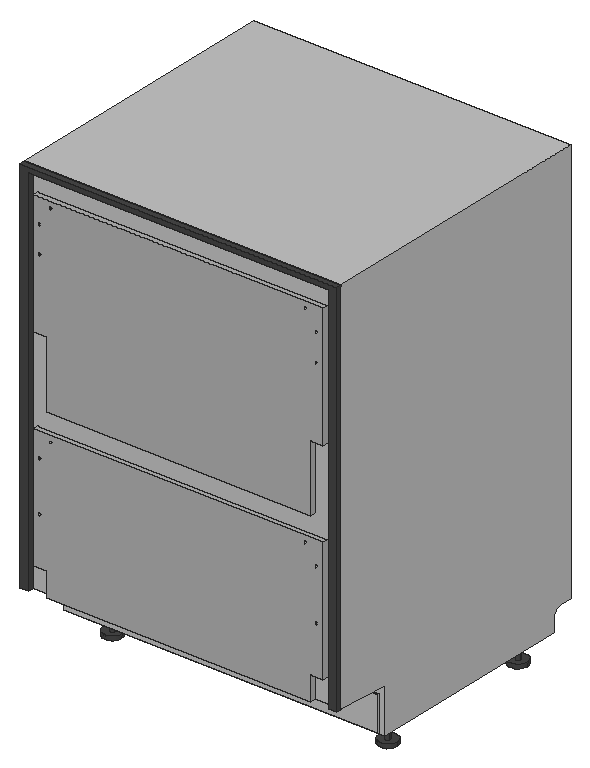
Revit family "FP_Revit_18_DD60DHI9_DishDrawer_90000901A", category Specialty Equipment, Revit 2018
Family settings
  Round Connector Dimension = Use Diameter
  Part Type = Normal
  OmniClass Number = 23.40.40.14.31
  OmniClass Title = Cleaning and Disposal Equipment
  Work Plane-Based = No
  Always vertical = Yes
  Cut with Voids When Loaded = Yes
  Shared = No
  Room Calculation Point = No
Parameters (values of type "DD60DHI9")
  Visibility - Handle = no
  Visibility - Door Panel = no
  Visibility - Clearance Required = yes
  URL = "www.fisherpaykel.com"
  Toe Kick - Recess (40mm - 100mm) [instance] = 100 mm
  Product - Width = 599 mm  # constant formula
  Product - Height (820mm - 880mm) [instance] = 860 mm
  Product - Depth = 553 mm  # constant formula
  Model = "DD60DHI9"
  Material - Trim = Fisher & Paykel - Black
  Material - Door Structure = Fisher & Paykel - Aluminium
  Material - Door Front = Fisher & Paykel - Stainless Steel
  Material - Body = Fisher & Paykel - Grey
  Manufacturer = "Fisher & Paykel Appliances"
  Description = "Integrated Double DishDrawer"
  Connector Description - Water = "3/4“ BSP (GB20) to suit Flat Washer"
  Connector Description - Sanitary = "Drain Hose, No Fitting Required"
  Connector Description - Electrical = "230 V, 15 A, fused electrical supply"
  Chassis - Height (855mm Tall or 811mm Std) = 811 mm  # constant formula
  Cavity - Width = 600 mm  # constant formula
  Cavity - Height = 0 mm  # constant formula
  Cavity - Depth = 560 mm  # constant formula
Types (3, lengths in mm): name | Model
  (no name) | "DD60DHI9"
  DD60DI9 | "DD60DI9"
  DD60DHI9 | "DD60DHI9"
Reference planes
  plane 1 "Datum": y = 0
  plane 2: z = 0
  plane 3 "Center (Left/Right)": x = 0
  plane 4: z = 0
  plane 5 "Product LHS": x = -299.5
  plane 6 "Product RHS": x = 299.5
  plane 7 "Product - Depth": y = 553
  plane 8 "Cavity LHS": x = -300
  plane 9 "Cavity RHS": x = 300
  plane 10 "Cavity - Depth": y = 560
  plane 11 "Leg Height": z = 49
  plane 12 "Product - Height": z = 860
  plane 13 "Cavity - Height": z = 862
  plane 14 "Door Front": y = -18
  plane 15 "Toe Kick Front 18mm": y = 82
Forms (mm)
  Extrusion 1, solid, material "Fisher & Paykel - Grey" <- "Material - Body"
    sketch origin (0, 0, 0) x (0, 1, 0) y (0, 0, 1)
      loop
        line (10, 860) -> (10, 140.398) -> (115, 133.503) -> (115, 49) -> (513, 49) -> (513, 68.972)
        arc (513, 68.972) -> (518.858, 83.114) -> (533, 88.972) r 20
        line (533, 88.972) -> (553, 88.972) -> (553, 860) -> (10, 860)
    from -299.5 to 299.5
  Extrusion 2, solid, material "Fisher & Paykel - Aluminium" <- "Material - Door Structure", detail levels fine
    sketch origin (0, 0, 0) x (1, 0, 0) y (0, 0, 1)
      loop
        line (-274, 816.4) -> (-274, 583.2) -> (-250, 583.2) -> (-250, 455.988) -> (250, 455.988) -> (250, 583.2) -> (274, 583.2) -> (274, 816.4) -> (-274, 816.4)
      loop
        line (-274, 419) -> (-274, 186) -> (-250, 186) -> (-250, 140) -> (250, 140) -> (250, 186) -> (274, 186) -> (274, 419) -> (-274, 419)
      loop
        circle (-240.999, 804.198) r 2.5
      loop
        circle (-261.999, 770.698) r 2.5
      loop
        circle (-261.999, 719.198) r 2.5
      loop
        circle (-262, 278) r 2.5
      loop
        circle (-262, 373.5) r 2.5
      loop
        circle (-241, 407) r 2.5
      loop
        circle (240.999, 804.198) r 2.5
      loop
        circle (261.999, 770.698) r 2.5
      loop
        circle (261.999, 719.198) r 2.5
      loop
        circle (262, 278) r 2.5
      loop
        circle (262, 373.5) r 2.5
      loop
        circle (241, 407) r 2.5
    from -10 to 0
  Extrusion 3, solid, material "Fisher & Paykel - Black" <- "Material - Trim"
    sketch origin (0, 0, 0) x (1, 0, 0) y (0, 0, 1)
      loop
        line (-299.5, 860) -> (-299.5, 140) -> (-283.999, 140) -> (-283.999, 850) -> (284, 850) -> (284, 140) -> (299.5, 140) -> (299.5, 860) -> (-299.5, 860)
    from -10 to 0
  Extrusion 4, solid, material "Fisher & Paykel - Black"
    sketch origin (0, 0, 0) x (1, 0, 0) y (0, 1, 0)
      loop
        circle (-260.6, 478.3) r 4
      loop
        circle (-260.6, 170.1) r 4
      loop
        circle (260.6, 478.3) r 4
      loop
        circle (260.6, 170.1) r 4
    from 7 to 49
  Extrusion 5, solid, material "Fisher & Paykel - Black"
    sketch origin (0, 0, 0) x (1, 0, 0) y (0, 1, 0)
      loop
        circle (-260.6, 170.1) r 17.816
      loop
        circle (-260.6, 478.3) r 17.816
      loop
        circle (260.6, 170.1) r 17.816
      loop
        circle (260.6, 478.3) r 17.816
    from 0 to 7
  Sweep 6, solid, material "Fisher & Paykel - Black", detail levels medium+fine
    path origin (0, 537.938, 0) x (1, 0, 0) y (0, 0, 1)
      loop
        line (-134.5, 88.972) -> (-134.5, 58.132)
        arc (-134.5, 58.132) -> (-140.358, 43.989) -> (-154.5, 38.132) r 20
        line (-154.5, 38.132) -> (-349.5, 38.132)
    profile origin (-134.5, 537.938, 73.552) x (0, -1, 0) y (1, 0, 0)
      loop
        circle (0, 0) r 9
  Sweep 7, solid, material "Fisher & Paykel - Black", detail levels medium+fine
    path origin (0, 537.938, 0) x (1, 0, 0) y (0, 0, 1)
      loop
        line (-189.5, 88.972) -> (-189.5, 77.507)
        arc (-189.5, 77.507) -> (-195.358, 63.364) -> (-209.5, 57.507) r 20
        line (-209.5, 57.507) -> (-349.5, 57.507)
    profile origin (-189.5, 537.938, 83.239) x (0, -1, 0) y (1, 0, 0)
      loop
        circle (0, 0) r 9
  Sweep 8, solid, material "Fisher & Paykel - Black", detail levels medium+fine
    path origin (0, 0, 0) x (1, 0, 0) y (0, 0, 1)
      loop
        line (-349.5, 71.736) -> (-66.993, 71.736)
        arc (-66.993, 71.736) -> (-58.507, 75.251) -> (-54.993, 83.736) r 12
        line (-54.993, 83.736) -> (-54.993, 88.972)
    profile origin (-54.993, 0, 86.354) x (-1, 0, 0) y (0, -1, 0)
      loop
        circle (0, -533.939) r 5
  Sweep 9, solid, material "Fisher & Paykel - Black", detail levels medium+fine
    path origin (0, 0, 0) x (1, 0, 0) y (0, 0, 1)
      loop
        line (-349.186, 57.851) -> (-218.186, 57.851)
        arc (-218.186, 57.851) -> (-204.044, 63.709) -> (-198.186, 77.851) r 20
        line (-198.186, 77.851) -> (-198.186, 88.972)
    profile origin (-198.186, 0, 83.412) x (-1, 0, 0) y (0, -1, 0)
      loop
        circle (0, -524.105) r 5
  Extrusion 10, solid, material "Fisher & Paykel - Clearance Required", visible <- "Visibility - Clearance Required", detail levels coarse
    sketch origin (0, 0, 0) x (0, 1, 0) y (0, 0, 1)
      loop
        line (-18, 0) -> (-18, 448.714) -> (-545.03, 448.714) -> (-545.03, 383.647) -> (-586.03, 383.647) -> (-586.03, 367.644) -> (-545.03, 367.644) -> (-545.03, 0) -> (-18, 0)
      loop
        line (-18, 455.988) -> (-18, 853.988) -> (-545.03, 853.988) -> (-545.03, 783.65) -> (-586.03, 783.65) -> (-586.03, 767.647) -> (-545.03, 767.647) -> (-545.03, 455.988) -> (-18, 455.988)
    from -300 to 300
  Extrusion 11, solid, material "Fisher & Paykel - Clearance Required", visible <- "Visibility - Clearance Required", detail levels coarse
    sketch origin (0, 0, 0) x (1, 0, 0) y (0, 1, 0)
      loop
        line (300, 560) -> (-300, 560) -> (-300, 0) -> (300, 0) -> (300, 560)
    from 0 to 860
  Extrusion 12, void
    sketch origin (0, 0, 0) x (1, 0, 0) y (0, 1, 0)
      loop
        line (-300, -18) -> (300, -18) -> (300, 560) -> (-300, 560) -> (-300, -18)
    from 0 to 862
  Extrusion 13, solid, material "Fisher & Paykel - Grey" <- "Material - Body", detail levels fine
    sketch origin (0, 0, 0) x (1, 0, 0) y (0, 0, 1)
      loop
        line (-297.5, 124.4) -> (-297.5, 59.4) -> (297.5, 59.4) -> (297.5, 124.4) -> (207.2, 124.4) -> (207.2, 117.4) -> (210.2, 117.4) -> (210.2, 113) -> (201.44, 113) -> (201.44, 88.145)
        arc (201.44, 88.145) -> (0, 68.613) -> (-201.44, 88.145) r 1048.506
        line (-201.44, 88.145) -> (-201.44, 113) -> (-210.2, 113) -> (-210.2, 117.4) -> (-207.2, 117.4) -> (-207.2, 124.4) -> (-297.5, 124.4)
      loop
        circle (230, 90.4) r 2.4
      loop
        circle (230, 110.4) r 2.4
      loop
        circle (-230, 90.4) r 2.4
      loop
        circle (-230, 110.4) r 2.4
    from -103 to -100
  Extrusion 14, solid, material "Fisher & Paykel - Stainless Steel" <- "Material - Door Front", visible <- "Visibility - Door Panel"
    sketch origin (0, 0, 0) x (1, 0, 0) y (0, 1, 0)
      loop
        line (-297.5, 0) -> (-297.5, -18) -> (297.5, -18) -> (297.5, 0) -> (-297.5, 0)
    from 455.988 to 853.988
  Extrusion 15, solid, material "Fisher & Paykel - Stainless Steel" <- "Material - Door Front", visible <- "Visibility - Door Panel"
    sketch origin (0, 0, 0) x (1, 0, 0) y (0, 1, 0)
      loop
        line (-297.5, 0) -> (-297.5, -18) -> (297.5, -18) -> (297.5, 0) -> (-297.5, 0)
    from 137.714 to 448.714
  Extrusion 16, void
    sketch origin (0, 0, 0) x (1, 0, 0) y (0, 0, 1)
      loop
        line (-84, 89) -> (-84, 104.8) -> (-91.143, 131.459)
        arc (-91.143, 131.459) -> (-97.572, 141.08) -> (-108.53, 144.8) r 18
        line (-108.53, 144.8) -> (-194.97, 144.8)
        arc (-194.97, 144.8) -> (-205.928, 141.08) -> (-212.357, 131.459) r 18
        line (-212.357, 131.459) -> (-219.5, 104.8) -> (-219.5, 89) -> (-84, 89)
    from -553 to -548
Cuts and joins
  Extrusion 16 cuts Extrusion 2
  Extrusion 16 cuts Extrusion 10
  Extrusion 16 cuts Extrusion 15
  Extrusion 16 cuts Extrusion 1
Lines and regions (mm)
  model lines
    curve 1: line (-297.5, 0, 448.714) -> (297.5, 0, 448.714)
    curve 2: line (-297.5, 0, 137.714) -> (-297.5, 0, 448.714)
    curve 3: line (297.5, 0, 137.714) -> (-297.5, 0, 137.714)
    curve 4: line (297.5, 0, 448.714) -> (297.5, 0, 137.714)
    curve 5: line (-297.5, 0, 853.988) -> (297.5, 0, 853.988)
    curve 6: line (-297.5, 0, 455.988) -> (-297.5, 0, 853.988)
    curve 7: line (297.5, 0, 455.988) -> (-297.5, 0, 455.988)
    curve 8: line (297.5, 0, 853.988) -> (297.5, 0, 455.988)
    curve 9: line (-297.5, 0, 853.988) -> (297.5, 0, 853.988)
    curve 10: line (-297.5, 0, 455.988) -> (-297.5, 0, 853.988)
    curve 11: line (297.5, 0, 455.988) -> (-297.5, 0, 455.988)
    curve 12: line (297.5, 0, 853.988) -> (297.5, 0, 455.988)
    curve 13: line (-297.5, 0, 448.714) -> (297.5, 0, 448.714)
    curve 14: line (-297.5, 0, 137.714) -> (-297.5, 0, 448.714)
    curve 15: line (297.5, 0, 137.714) -> (-297.5, 0, 137.714)
    curve 16: line (297.5, 0, 448.714) -> (297.5, 0, 137.714)
Text (mm)
  text "Due to ongoing product development, product details are subject to change without notice. \nPlease always refer to www.fisherpaykel.com for the most current product information. \n© Fisher & Paykel 2020" at (41.04, -690.05, 0), in view "Ref. Level (Plan)"
Dimensions and locks
  equal spacing: plane 5 "Product LHS", plane 3 "Center (Left/Right)", plane 6 "Product RHS"
  "Product - Width": plane 5 "Product LHS" to plane 6 "Product RHS"
  "Product - Depth": plane 1 "Datum" to plane 7 "Product - Depth"
  equal spacing: plane 8 "Cavity LHS", plane 3 "Center (Left/Right)", plane 9 "Cavity RHS"
  "Cavity - Width": plane 8 "Cavity LHS" to plane 9 "Cavity RHS"
  "Cavity - Depth": plane 10 "Cavity - Depth" to plane 1 "Datum"
  Extrusion 1 sketch curve to Extrusion 1 sketch curve = 811 mm
  Extrusion 2 sketch curve to plane 11 "Leg Height" = 370 mm
  "Chassis - Height (855mm Tall or 811mm Std)": plane 12 "Product - Height" to plane 11 "Leg Height"
  locked: Extrusion 2 sketch curve to plane 11 "Leg Height" at 534.2
  locked: plane 12 "Product - Height" to Extrusion 2 sketch curve at 43.6
  "Product - Height (820mm - 880mm)": plane 12 "Product - Height" to level
  plane 12 "Product - Height" to Extrusion 2 = 43.6 mm
  Extrusion 2 to plane 11 "Leg Height" = 370 mm
  Extrusion 2 to plane 11 "Leg Height" = 406.988 mm
  locked: plane 13 "Cavity - Height" to plane 12 "Product - Height" at 2
  locked: plane 11 "Leg Height" to Extrusion 13 at 10.4
  Extrusion 12 to plane 1 "Datum" = 18 mm
  locked: plane 12 "Product - Height" to cut or joined group of Extrusion 10, Extrusion 16 at 6.012
  locked: plane 12 "Product - Height" to nested 1 at 76.7
  locked: plane 12 "Product - Height" to nested 2 at 476.7
  locked: plane 12 "Product - Height" to Extrusion 14 at 404.012
  locked: plane 12 "Product - Height" to cut or joined group of Extrusion 15, Extrusion 16 at 411.286
  locked: plane 12 "Product - Height" to cut or joined group of Extrusion 15, Extrusion 16 at 722.286
  locked: plane 12 "Product - Height" to Extrusion 14 at 6.012
  locked: plane 15 "Toe Kick Front 18mm" to Extrusion 13 at 18
  locked: Extrusion 13 to Extrusion 13 at 3
  "Toe Kick - Recess (40mm - 100mm)": plane 14 "Door Front" to plane 15 "Toe Kick Front 18mm"
  aligned and locked: level to plane 2
  aligned and locked: Extrusion 1 sketch curve to plane 11 "Leg Height"
  aligned and locked: plane 12 "Product - Height" to Extrusion 3 sketch curve
  aligned and locked: Extrusion 4 to Extrusion 5
  aligned and locked: plane 12 "Product - Height" to Extrusion 1
  aligned and locked: Extrusion 10 to plane 9 "Cavity RHS"
  aligned and locked: plane 8 "Cavity LHS" to Extrusion 10
  aligned and locked: Extrusion 11 sketch curve to plane 8 "Cavity LHS"
  aligned and locked: plane 1 "Datum" to Extrusion 11 sketch curve
  aligned and locked: Extrusion 11 sketch curve to plane 9 "Cavity RHS"
  aligned and locked: plane 10 "Cavity - Depth" to Extrusion 11 sketch curve
  aligned and locked: Extrusion 11 to Extrusion 1
  aligned and locked: Extrusion 4 to Extrusion 1
  aligned and locked: plane 13 "Cavity - Height" to Extrusion 12
  aligned and locked: Extrusion 10 to level
  aligned and locked: curve 1 to cut or joined group of Extrusion 15, Extrusion 16
  aligned and locked: curve 2 to cut or joined group of Extrusion 15, Extrusion 16
  aligned and locked: curve 3 to cut or joined group of Extrusion 15, Extrusion 16
  aligned and locked: curve 4 to cut or joined group of Extrusion 15, Extrusion 16
  aligned and locked: curve 5 to Extrusion 14
  aligned and locked: curve 6 to Extrusion 14
  aligned and locked: curve 7 to Extrusion 14
  aligned and locked: curve 8 to Extrusion 14
Automatic sketch dimensions
  Extrusion 2 sketch curve to plane 5 "Product LHS" = 25.5 mm  (x2)
  Extrusion 2 sketch curve to plane 5 "Product LHS" = 37.5 mm  (x2)
  Extrusion 2 sketch curve to plane 5 "Product LHS" = 37.501 mm  (x2)
  Extrusion 2 sketch curve to Extrusion 2 sketch curve = 24 mm
  Extrusion 2 sketch curve to plane 5 "Product LHS" = 49.5 mm
  Extrusion 2 sketch curve to Extrusion 2 sketch curve = 33 mm
  Extrusion 2 sketch curve to Extrusion 2 sketch curve = 33.001 mm
  plane 6 "Product RHS" to Extrusion 2 sketch curve = 58.501 mm
  plane 6 "Product RHS" to Extrusion 2 sketch curve = 58.5 mm
  plane 6 "Product RHS" to Extrusion 2 sketch curve = 49.5 mm  (x2)
  plane 6 "Product RHS" to Extrusion 2 sketch curve = 37.501 mm  (x2)
  plane 6 "Product RHS" to Extrusion 2 sketch curve = 37.5 mm  (x2)
  plane 6 "Product RHS" to Extrusion 2 sketch curve = 25.5 mm  (x2)
  Extrusion 2 sketch curve to Extrusion 2 sketch curve = 12 mm  (x2)
  Extrusion 2 sketch curve to Extrusion 2 sketch curve = 33.5 mm  (x2)
  Extrusion 2 sketch curve to Extrusion 2 sketch curve = 95.5 mm  (x2)
  Extrusion 2 sketch curve to Extrusion 2 sketch curve = 92 mm  (x2)
  Extrusion 2 sketch curve to Extrusion 2 sketch curve = 46 mm
  Extrusion 2 sketch curve to Extrusion 2 sketch curve = 36.988 mm
  Extrusion 2 sketch curve to Extrusion 2 sketch curve = 127.212 mm
  Extrusion 2 sketch curve to Extrusion 2 sketch curve = 135.998 mm  (x2)
  Extrusion 2 sketch curve to Extrusion 2 sketch curve = 45.702 mm  (x2)
  Extrusion 2 sketch curve to Extrusion 2 sketch curve = 12.202 mm  (x2)
  plane 5 "Product LHS" to Extrusion 3 sketch curve = 0 mm
  plane 6 "Product RHS" to Extrusion 3 sketch curve = 0 mm
  Extrusion 3 sketch curve to plane 5 "Product LHS" = 15.501 mm
  plane 6 "Product RHS" to Extrusion 3 sketch curve = 15.5 mm
  Extrusion 3 sketch curve to plane 12 "Product - Height" = 10 mm
  Extrusion 3 sketch curve to plane 11 "Leg Height" = 91 mm  (x2)
  Extrusion 4 sketch curve to plane 5 "Product LHS" = 38.9 mm  (x2)
  plane 6 "Product RHS" to Extrusion 4 sketch curve = 38.9 mm  (x2)
  Extrusion 4 sketch curve to plane 1 "Datum" = 170.1 mm  (x2)
  Extrusion 4 sketch curve to plane 7 "Product - Depth" = 74.7 mm  (x2)
  Extrusion 5 sketch curve to plane 5 "Product LHS" = 38.9 mm  (x2)
  plane 6 "Product RHS" to Extrusion 5 sketch curve = 38.9 mm  (x2)
  Extrusion 5 sketch curve to plane 1 "Datum" = 170.1 mm  (x2)
  Extrusion 5 sketch curve to plane 7 "Product - Depth" = 74.7 mm  (x2)
  plane 11 "Leg Height" to Sweep 6 sketch curve = 10.868 mm
  Sweep 6 sketch curve to plane 5 "Product LHS" = 145 mm
  Sweep 6 sketch curve to plane 11 "Leg Height" = 9.132 mm
  plane 8 "Cavity LHS" to Sweep 6 sketch curve = 49.5 mm
  Sweep 6 sketch curve to Sweep 6 sketch curve = 30.84 mm
  Sweep 6 sketch curve to profile plane = 0 mm
  profile plane to Sweep 6 sketch curve = 0 mm
  Sweep 7 sketch curve to plane 11 "Leg Height" = 8.507 mm
  Sweep 7 sketch curve to plane 5 "Product LHS" = 90 mm
  Sweep 7 sketch curve to Sweep 7 sketch curve = 20 mm
  plane 8 "Cavity LHS" to Sweep 7 sketch curve = 49.5 mm
  Sweep 7 sketch curve to Sweep 7 sketch curve = 11.465 mm
  Sweep 7 sketch curve to profile plane = 0 mm
  profile plane to Sweep 7 sketch curve = 0 mm
  Sweep 8 sketch curve to plane 11 "Leg Height" = 22.736 mm
  Sweep 8 sketch curve to plane 3 "Center (Left/Right)" = 66.993 mm
  Sweep 8 sketch curve to Sweep 8 sketch curve = 12 mm
  plane 8 "Cavity LHS" to Sweep 8 sketch curve = 49.5 mm
  Sweep 8 sketch curve to Sweep 8 sketch curve = 5.236 mm
  Sweep 8 sketch curve to profile plane = 0 mm
  Sweep 8 sketch curve to plane 1 "Datum" = 533.939 mm
  Sweep 9 sketch curve to plane 11 "Leg Height" = 8.851 mm
  Sweep 9 sketch curve to plane 5 "Product LHS" = 81.314 mm
  Sweep 9 sketch curve to Sweep 9 sketch curve = 20 mm
  plane 8 "Cavity LHS" to Sweep 9 sketch curve = 49.186 mm
  Sweep 9 sketch curve to Sweep 9 sketch curve = 11.121 mm
  Sweep 9 sketch curve to profile plane = 0 mm
  Sweep 9 sketch curve to plane 1 "Datum" = 524.105 mm
  Extrusion 12 sketch curve to plane 8 "Cavity LHS" = 0 mm
  Extrusion 12 sketch curve to plane 9 "Cavity RHS" = 0 mm
  Extrusion 12 sketch curve to plane 10 "Cavity - Depth" = 0 mm
  plane 1 "Datum" to Extrusion 12 sketch curve = 18 mm
  Extrusion 13 sketch curve to plane 3 "Center (Left/Right)" = 0 mm
  Extrusion 13 sketch curve to plane 5 "Product LHS" = 98.06 mm
  Extrusion 13 sketch curve to Extrusion 13 sketch curve = 5.76 mm  (x2)
  Extrusion 13 sketch curve to Extrusion 13 sketch curve = 3 mm  (x2)
  Extrusion 13 sketch curve to Extrusion 13 sketch curve = 28.56 mm
  Extrusion 13 sketch curve to Extrusion 13 sketch curve = 19.8 mm  (x2)
  Extrusion 13 sketch curve to plane 5 "Product LHS" = 2 mm
  plane 6 "Product RHS" to Extrusion 13 sketch curve = 98.06 mm
  Extrusion 13 sketch curve to Extrusion 13 sketch curve = 0 mm
  plane 6 "Product RHS" to Extrusion 13 sketch curve = 2 mm
  Extrusion 13 sketch curve to plane 11 "Leg Height" = 10.4 mm
  Extrusion 13 sketch curve to plane 11 "Leg Height" = 39.145 mm
  Extrusion 13 sketch curve to Extrusion 13 sketch curve = 2.255 mm  (x2)
  Extrusion 13 sketch curve to Extrusion 13 sketch curve = 20 mm  (x2)
  Extrusion 13 sketch curve to Extrusion 13 sketch curve = 2.6 mm
  Extrusion 13 sketch curve to Extrusion 13 sketch curve = 24.855 mm
  Extrusion 13 sketch curve to Extrusion 13 sketch curve = 4.4 mm  (x2)
  Extrusion 13 sketch curve to Extrusion 13 sketch curve = 7 mm  (x2)
  plane 13 "Cavity - Height" to Extrusion 13 sketch curve = 255.119 mm
  Extrusion 14 sketch curve to plane 5 "Product LHS" = 2 mm
  plane 6 "Product RHS" to Extrusion 14 sketch curve = 2 mm
  Extrusion 15 sketch curve to plane 5 "Product LHS" = 2 mm
  plane 6 "Product RHS" to Extrusion 15 sketch curve = 2 mm
  plane 1 "Datum" to Extrusion 15 sketch curve = 18 mm
  Extrusion 10 sketch curve to plane 12 "Product - Height" = 76.35 mm
  plane 1 "Datum" to Extrusion 10 sketch curve = 586.03 mm
  Extrusion 10 sketch curve to Extrusion 10 sketch curve = 0 mm  (x3)
  Extrusion 10 sketch curve to Extrusion 10 sketch curve = 41 mm  (x2)
  Extrusion 10 sketch curve to plane 12 "Product - Height" = 6.012 mm
  plane 1 "Datum" to Extrusion 10 sketch curve = 18 mm  (x2)
  Extrusion 10 sketch curve to Extrusion 10 sketch curve = 16.003 mm  (x2)
  Extrusion 10 sketch curve to Extrusion 10 sketch curve = 311.659 mm
  Extrusion 10 sketch curve to Extrusion 10 sketch curve = 7.274 mm
  Extrusion 10 sketch curve to Extrusion 10 sketch curve = 65.067 mm
  plane 11 "Leg Height" to Extrusion 10 sketch curve = 49 mm
  Extrusion 16 sketch curve to plane 11 "Leg Height" = 40 mm
  Extrusion 16 sketch curve to plane 5 "Product LHS" = 80 mm
  Extrusion 16 sketch curve to Extrusion 16 sketch curve = 7.143 mm  (x2)
  Extrusion 16 sketch curve to Extrusion 16 sketch curve = 17.387 mm  (x2)
  Extrusion 16 sketch curve to Extrusion 16 sketch curve = 86.44 mm
  Extrusion 16 sketch curve to Extrusion 16 sketch curve = 15.8 mm  (x2)
  Extrusion 16 sketch curve to Extrusion 16 sketch curve = 22 mm  (x2)
  Extrusion 16 sketch curve to Extrusion 16 sketch curve = 4.659 mm
  plane 1 "Datum" to Extrusion 14 sketch curve = 0 mm
  plane 1 "Datum" to Extrusion 14 sketch curve = 18 mm
  plane 1 "Datum" to Extrusion 15 sketch curve = 0 mm
  Extrusion 1 sketch curve to plane 7 "Product - Depth" = 0 mm
  Extrusion 1 sketch curve to plane 7 "Product - Depth" = 20 mm
  Extrusion 1 sketch curve to Extrusion 1 sketch curve = 20 mm
  Extrusion 1 sketch curve to plane 1 "Datum" = 115 mm
  Extrusion 1 sketch curve to plane 1 "Datum" = 10 mm
  Extrusion 1 sketch curve to plane 11 "Leg Height" = 19.972 mm
  Extrusion 1 sketch curve to plane 11 "Leg Height" = 84.503 mm
  Extrusion 1 sketch curve to plane 11 "Leg Height" = 91.398 mm
  radius of Extrusion 2 sketch curve = 2.5 mm  (x12)
  radius of Extrusion 4 sketch curve = 4 mm  (x4)
  radius of Extrusion 5 sketch curve = 17.816 mm  (x4)
  radius of Sweep 6 sketch curve = 9 mm
  radius of Sweep 7 sketch curve = 9 mm
  radius of Sweep 8 sketch curve = 5 mm
  radius of Sweep 9 sketch curve = 5 mm
  radius of Extrusion 13 sketch curve = 2.4 mm  (x4)
Nested families
  nested 1: "F&P Handle Contemporary Square - Horizontal" at (0, -18, 775.322), visible <- "Visibility - Handle", type "565mm"
  nested 2: "F&P Handle Contemporary Square - Horizontal" at (0, -18, 375.322), visible <- "Visibility - Handle", type "565mm"
Connectors
  electrical at (-349.5, 533.939, 71.736), driven by "Connector Description - Electrical"
    settings: on Sweep 8, index 1, voltage 230 V, apparent load 0 VA, apparent load phase1 0 VA, apparent load phase2 0 VA, apparent load phase3 0 VA, power factor 1, load classification "Other", number of poles 1, system type 30, power factor state 1, is connector primary yes, connector utility no, sub classification motor no, connector description "230 V, 15 A, fused electrical supply"
  piping at (-349.186, 524.105, 57.851), diameter 10, driven by "Connector Description - Water"
    settings: on Sweep 9, index 2, connector inside diameter 609.6 mm, connector length 0 mm, flow factor 0, pipe flow 0.0 L/s, pressure drop 0.0 Pa, fitting loss kfactor 0, connector angle 0.00°, fixture units 0, engagement length 0 mm, angle of deflection 0.00°, flow configuration 0, flow direction 1, fitting loss method 0, system type 20, joint type 0, gender type 0, connector reference index -1, connector utility 0, adjustable connector no, is connector primary yes, connector description "3/4“ BSP (GB20) to suit Flat Washer"
  piping at (-349.5, 537.938, 57.507), diameter 15.9, driven by "Connector Description - Sanitary"
    settings: on Sweep 7, index 3, connector inside diameter 609.6 mm, connector length 0 mm, flow factor 0, pipe flow 0.0 L/s, pressure drop 0.0 Pa, fitting loss kfactor 0, connector angle 0.00°, fixture units 0, engagement length 0 mm, angle of deflection 0.00°, flow configuration 0, flow direction 2, fitting loss method 0, system type 16, joint type 0, gender type 0, connector reference index -1, connector utility 0, adjustable connector no, is connector primary no, connector description "Drain Hose, No Fitting Required"
  piping at (-349.5, 537.938, 38.132), diameter 15.9, driven by "Connector Description - Sanitary"
    settings: on Sweep 6, index 4, connector inside diameter 609.6 mm, connector length 0 mm, flow factor 0, pipe flow 0.0 L/s, pressure drop 0.0 Pa, fitting loss kfactor 0, connector angle 0.00°, fixture units 0, engagement length 0 mm, angle of deflection 0.00°, flow configuration 0, flow direction 2, fitting loss method 0, system type 16, joint type 0, gender type 0, connector reference index -1, connector utility 0, adjustable connector no, is connector primary no, connector description "Drain Hose, No Fitting Required"
Definition of nested family "F&P Handle Contemporary Square - Horizontal"
  Parameters (values of type "565mm")
    URL = "www.fisherpaykel.com"
    Material - Handle = none
    Manufacturer = "Fisher & Paykel Appliances"
    Handle - Standoff = 100 mm
    Handle - Length = 565 mm
  Reference planes
    plane 1 "Center (Front/Back)": y = 0
    plane 2: z = 0
    plane 3 "Center (Left/Right)": x = 0
    plane 4 "Product LHS": x = -282.5
    plane 5 "Product RHS": x = 282.5
    plane 6 "LHS Standoff": x = -182.5
    plane 7 "RHS Standoff": x = 182.5
  Forms (mm)
    Extrusion 1, solid, material <- "Material - Handle", detail levels fine
      sketch origin (0, 0, 0) x (0, 1, 0) y (0, 0, 1)
        loop
          arc (-27.701, 7.561) -> (-28.057, 7.868) -> (-28.514, 7.978) r 1
          line (-28.514, 7.978) -> (-39.5, 7.978)
          arc (-39.5, 7.978) -> (-40.561, 7.539) -> (-41, 6.478) r 1.5
          line (-41, 6.478) -> (-41, -6.522)
          arc (-41, -6.522) -> (-40.561, -7.583) -> (-39.5, -8.022) r 1.5
          line (-39.5, -8.022) -> (-28.487, -8.022)
          arc (-28.487, -8.022) -> (-28.029, -7.911) -> (-27.673, -7.602) r 1
          arc (-27.673, -7.602) -> (-25.256, -0.016) -> (-27.701, 7.561) r 13.038
      from -282.5 to 282.5
    Extrusion 2, solid, material <- "Material - Handle", detail levels fine
      sketch origin (0, 0, 0) x (0, 1, 0) y (0, 0, 1)
        loop
          arc (-27.23, 7.062) -> (-25.156, 0.008) -> (-27.198, -7.056) r 13.136
          arc (-27.198, -7.056) -> (-27.21, -7.463) -> (-26.86, -7.67) r 0.4
          line (-26.86, -7.67) -> (0, -7.67) -> (0, 7.678) -> (-26.893, 7.678)
          arc (-26.893, 7.678) -> (-27.244, 7.47) -> (-27.23, 7.062) r 0.4
      from 182.5 to 282.5
    Extrusion 3, solid, material <- "Material - Handle", detail levels fine
      sketch origin (0, 0, 0) x (0, 1, 0) y (0, 0, -1)
        loop
          arc (-27.23, -7.062) -> (-27.244, -7.47) -> (-26.893, -7.678) r 0.4
          line (-26.893, -7.678) -> (0, -7.678) -> (0, 7.67) -> (-26.86, 7.67)
          arc (-26.86, 7.67) -> (-27.21, 7.463) -> (-27.198, 7.056) r 0.4
          arc (-27.198, 7.056) -> (-25.156, -0.008) -> (-27.23, -7.062) r 13.136
      from 182.5 to 282.5
    Sweep 4, void
      path in 3D
        loop
          line (282.5, -28.514, 7.978) -> (282.5, -39.5, 7.978)
          arc (282.5, -39.5, 7.978) -> (282.5, -40.561, 7.539) -> (282.5, -41, 6.478) r 1.5
          line (282.5, -41, 6.478) -> (282.5, -41, -6.522)
          arc (282.5, -41, -6.522) -> (282.5, -40.561, -7.583) -> (282.5, -39.5, -8.022) r 1.5
          line (282.5, -39.5, -8.022) -> (282.5, -28.487, -8.022)
      profile origin (282.5, -34.007, 7.978) x (1, 0, 0) y (0, 0, 1)
        loop
          line (0, 0) -> (-1.3, 0) -> (0, -1.3) -> (0, 0)
    Sweep 5, void
      path in 3D
        loop
          line (-282.5, -28.487, -8.022) -> (-282.5, -39.5, -8.022)
          arc (-282.5, -39.5, -8.022) -> (-282.5, -40.561, -7.583) -> (-282.5, -41, -6.522) r 1.5
          line (-282.5, -41, -6.522) -> (-282.5, -41, 6.478)
          arc (-282.5, -41, 6.478) -> (-282.5, -40.561, 7.539) -> (-282.5, -39.5, 7.978) r 1.5
          line (-282.5, -39.5, 7.978) -> (-282.5, -28.514, 7.978)
      profile origin (-282.5, -34.007, 7.978) x (-1, 0, 0) y (0, 0, 1)
        loop
          line (0, 0) -> (-1.3, 0) -> (0, -1.3) -> (0, 0)
    Extrusion 6, void
      sketch origin (0, 0, 0) x (1, 0, 0) y (0, 0, 1)
        loop
          line (282.5, 7.978) -> (281.2, 7.978) -> (282.5, 6.678) -> (282.5, 7.978)
        loop
          line (282.5, -8.022) -> (282.5, -6.722) -> (281.2, -8.022) -> (282.5, -8.022)
      from 0 to 28.514
    Extrusion 7, void
      sketch origin (0, 0, 0) x (1, 0, 0) y (0, 0, 1)
        loop
          line (-282.5, 7.978) -> (-282.5, 6.678) -> (-281.2, 7.978) -> (-282.5, 7.978)
        loop
          line (-282.5, -8.022) -> (-281.2, -8.022) -> (-282.5, -6.722) -> (-282.5, -8.022)
      from 0 to 28.487
    Extrusion 8, solid, material <- "Material - Handle", detail levels coarse+medium
      sketch origin (0, 0, 0) x (1, 0, 0) y (0, 1, 0)
        loop
          line (-282.5, -41) -> (282.5, -41) -> (282.5, 0) -> (182.5, 0) -> (182.5, -26.156) -> (-182.5, -26.156) -> (-182.5, 0) -> (-282.5, 0) -> (-282.5, -41)
      from -8.022 to 7.978
  Cuts and joins
    Sweep 4, Sweep 5, Extrusion 6, Extrusion 7 cuts Extrusion 1
    Extrusion 6 cuts Extrusion 2
    Extrusion 7 cuts Extrusion 3
  Lines and regions (mm)
    sketch lines
      curve 1: line (282.5, -28.514, 7.978) -> (282.5, -39.5, 7.978)
      curve 2: arc (282.5, -41, 6.478) -> (282.5, -40.561, 7.539) -> (282.5, -39.5, 7.978) r 1.5
      curve 3: line (282.5, -41, 6.478) -> (282.5, -41, -6.522)
      curve 4: arc (282.5, -39.5, -8.022) -> (282.5, -40.561, -7.583) -> (282.5, -41, -6.522) r 1.5
      curve 5: line (282.5, -39.5, -8.022) -> (282.5, -28.487, -8.022)
      curve 6: line (-282.5, -39.5, 7.978) -> (-282.5, -28.514, 7.978)
      curve 7: arc (-282.5, -39.5, 7.978) -> (-282.5, -40.561, 7.539) -> (-282.5, -41, 6.478) r 1.5
      curve 8: line (-282.5, -41, -6.522) -> (-282.5, -41, 6.478)
      curve 9: arc (-282.5, -41, -6.522) -> (-282.5, -40.561, -7.583) -> (-282.5, -39.5, -8.022) r 1.5
      curve 10: line (-282.5, -28.487, -8.022) -> (-282.5, -39.5, -8.022)
  Dimensions and locks
    equal spacing: plane 4 "Product LHS", plane 3 "Center (Left/Right)", plane 5 "Product RHS"
    "Handle - Length": plane 4 "Product LHS" to plane 5 "Product RHS"
    "Handle - Standoff": plane 4 "Product LHS" to plane 6 "LHS Standoff"
    "Handle - Standoff": plane 7 "RHS Standoff" to plane 5 "Product RHS"
    Extrusion 8 to plane 1 "Center (Front/Back)" = 41 mm
    aligned and locked: level to plane 2
    aligned and locked: Extrusion 1 to plane 5 "Product RHS"
    aligned and locked: plane 4 "Product LHS" to Extrusion 1
    aligned and locked: Extrusion 2 to plane 5 "Product RHS"
    aligned and locked: plane 4 "Product LHS" to Extrusion 3
    aligned and locked: plane 4 "Product LHS" to Extrusion 8 sketch curve
    aligned and locked: Extrusion 8 sketch curve to plane 5 "Product RHS"
    aligned and locked: Extrusion 8 sketch curve to plane 7 "RHS Standoff"
    aligned and locked: plane 6 "LHS Standoff" to Extrusion 8 sketch curve
    aligned and locked: Extrusion 2 to plane 7 "RHS Standoff"
    aligned and locked: plane 6 "LHS Standoff" to Extrusion 3
  Automatic sketch dimensions
    Extrusion 1 sketch curve to level = 6.522 mm
    plane 1 "Center (Front/Back)" to Extrusion 1 sketch curve = 41 mm
    Extrusion 1 sketch curve to Extrusion 1 sketch curve = 1.5 mm  (x2)
    Extrusion 1 sketch curve to level = 0.04 mm
    Extrusion 1 sketch curve to Extrusion 1 sketch curve = 1.206 mm
    level to Extrusion 1 sketch curve = 6.978 mm
    Extrusion 1 sketch curve to Extrusion 1 sketch curve = 10.986 mm
    Extrusion 1 sketch curve to Extrusion 1 sketch curve = 11.013 mm
    Extrusion 1 sketch curve to Extrusion 1 sketch curve = 1 mm
    level to Extrusion 1 sketch curve = 6.478 mm
    Extrusion 1 sketch curve to Extrusion 1 sketch curve = 0 mm
    Extrusion 2 sketch curve to plane 1 "Center (Front/Back)" = 0 mm
    Extrusion 2 sketch curve to level = 7.67 mm
    Extrusion 2 sketch curve to Extrusion 2 sketch curve = 26.86 mm
    level to Extrusion 2 sketch curve = 7.678 mm
    Extrusion 2 sketch curve to Extrusion 2 sketch curve = 0.033 mm
    Extrusion 2 sketch curve to level = 0.022 mm
    Extrusion 2 sketch curve to Extrusion 2 sketch curve = 11.398 mm
    Extrusion 2 sketch curve to Extrusion 2 sketch curve = 0.4 mm  (x2)
    Extrusion 2 sketch curve to Extrusion 2 sketch curve = 0 mm
    Extrusion 3 sketch curve to plane 1 "Center (Front/Back)" = 0 mm
    Extrusion 3 sketch curve to level = 7.67 mm
    Extrusion 3 sketch curve to Extrusion 3 sketch curve = 26.86 mm
    level to Extrusion 3 sketch curve = 7.678 mm
    Extrusion 3 sketch curve to Extrusion 3 sketch curve = 0.033 mm
    Extrusion 3 sketch curve to level = 0.022 mm
    Extrusion 3 sketch curve to Extrusion 3 sketch curve = 11.398 mm
    Extrusion 3 sketch curve to Extrusion 3 sketch curve = 0.4 mm  (x2)
    Extrusion 3 sketch curve to Extrusion 3 sketch curve = 0 mm
    profile plane to Sweep 4 sketch curve = 0 mm
    Sweep 4 sketch curve to profile plane = 0 mm
    Sweep 4 sketch curve to profile plane = 1.3 mm
    profile plane to Sweep 4 sketch curve = 1.3 mm
    Sweep 5 sketch curve to profile plane = 0 mm  (x2)
    profile plane to Sweep 5 sketch curve = 1.3 mm
    Sweep 5 sketch curve to profile plane = 1.3 mm
    plane 5 "Product RHS" to Extrusion 6 sketch curve = 0 mm  (x2)
    Extrusion 6 sketch curve to Extrusion 6 sketch curve = 1.3 mm  (x4)
    Extrusion 6 sketch curve to level = 6.722 mm
    level to Extrusion 6 sketch curve = 6.678 mm
    plane 4 "Product LHS" to Extrusion 7 sketch curve = 0 mm  (x2)
    Extrusion 7 sketch curve to plane 4 "Product LHS" = 1.3 mm  (x2)
    Extrusion 7 sketch curve to level = 8.022 mm
    level to Extrusion 7 sketch curve = 6.678 mm
    Extrusion 7 sketch curve to Extrusion 7 sketch curve = 1.3 mm  (x2)
    plane 1 "Center (Front/Back)" to Extrusion 8 sketch curve = 0 mm  (x2)
    Extrusion 8 sketch curve to Extrusion 8 sketch curve = 26.156 mm
    Extrusion 8 sketch curve to Extrusion 8 sketch curve = 41 mm
